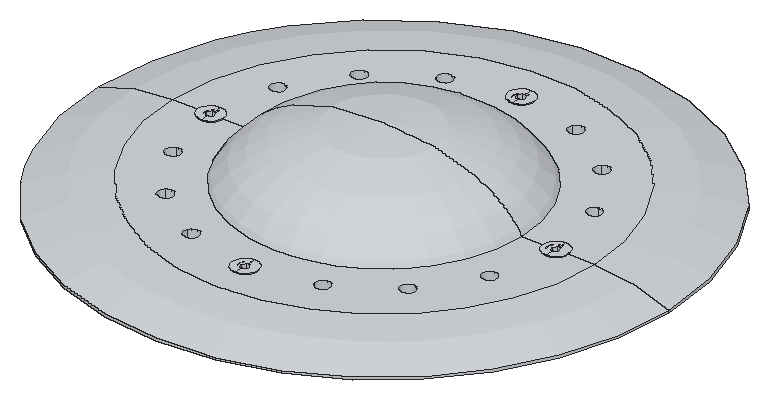
Revit family "Sensor w.topring - wall", category Generic Models, Revit 2017
Family settings
  Can host rebar = No
  Round Connector Dimension = Use Diameter
  Part Type = Normal
  Work Plane-Based = No
  Always vertical = Yes
  Cut with Voids When Loaded = No
  Shared = No
  Room Calculation Point = No
Parameters
  URL = "https://playalive.dk/?lang=en"
  Type Comments = "Playground equipment"
  Model = "Sensor w.topring - wall"
  Manufacturer = "PlayAlive A/S"
  Description = "Electronic playground"
Reference planes
  plane 1 "Center (Front/Back)": y = 0
  plane 2: z = 0
  plane 3 "Center (Left/Right)": x = 0
Forms (mm)
  Revolve 1, solid
    sketch origin (0, 0, 0) x (1, 0, 0) y (0, 0, 1)
      loop
        arc (-85.516, 7) -> (-100.802, 5.484) -> (-115.495, 1.001) r 77.944
        line (-115.495, 1.001) -> (-115.495, 0) -> (-60, 0) -> (-56.12, 7) -> (-85.516, 7)
      axis (0, 0) -> (0, 7)
    angle from 0 to 360
  Extrusion 2, void
    sketch origin (0, -5.933, 0) x (1, 0, 0) y (0, 1, 0)
      loop
        circle (0, 75.488) r 3
    from 0 to 250
  Extrusion 3, void
    sketch origin (-2.292, -5.477, 0) x (0.92388, -0.382683, 0) y (0.382683, 0.92388, 0)
      loop
        circle (0, 75.488) r 3
    from 0 to 250
  Extrusion 4, void
    sketch origin (-4.234, -4.179, 0) x (0.707107, -0.707107, 0) y (0.707107, 0.707107, 0)
      loop
        circle (0, 75.488) r 3
    from 0 to 250
  Extrusion 5, void
    sketch origin (-5.532, -2.236, 0) x (0.382683, -0.92388, 0) y (0.92388, 0.382683, 0)
      loop
        circle (0, 75.488) r 3
    from 0 to 250
  Extrusion 6, void
    sketch origin (-5.988, 0.056, 0) x (0, -1, 0) y (1, 0, 0)
      loop
        circle (0, 75.488) r 3
    from 0 to 250
  Extrusion 7, void
    sketch origin (-5.532, 2.347, 0) x (-0.382683, -0.92388, 0) y (0.92388, -0.382683, 0)
      loop
        circle (0, 75.488) r 3
    from 0 to 250
  Extrusion 8, void
    sketch origin (-4.234, 4.29, 0) x (-0.707107, -0.707107, 0) y (0.707107, -0.707107, 0)
      loop
        circle (0, 75.488) r 3
    from 0 to 250
  Extrusion 9, void
    sketch origin (-2.292, 5.588, 0) x (-0.92388, -0.382683, 0) y (0.382683, -0.92388, 0)
      loop
        circle (0, 75.488) r 3
    from 0 to 250
  Extrusion 10, void
    sketch origin (0, 6.044, 0) x (-1, 0, 0) y (0, -1, 0)
      loop
        circle (0, 75.488) r 3
    from 0 to 250
  Extrusion 11, void
    sketch origin (2.292, 5.588, 0) x (-0.92388, 0.382683, 0) y (-0.382683, -0.92388, 0)
      loop
        circle (0, 75.488) r 3
    from 0 to 250
  Extrusion 12, void
    sketch origin (4.234, 4.29, 0) x (-0.707107, 0.707107, 0) y (-0.707107, -0.707107, 0)
      loop
        circle (0, 75.488) r 3
    from 0 to 250
  Extrusion 13, void
    sketch origin (5.532, 2.347, 0) x (-0.382683, 0.92388, 0) y (-0.92388, -0.382683, 0)
      loop
        circle (0, 75.488) r 3
    from 0 to 250
  Extrusion 14, void
    sketch origin (5.988, 0.056, 0) x (0, 1, 0) y (-1, 0, 0)
      loop
        circle (0, 75.488) r 3
    from 0 to 250
  Extrusion 15, void
    sketch origin (5.532, -2.236, 0) x (0.382683, 0.92388, 0) y (-0.92388, 0.382683, 0)
      loop
        circle (0, 75.488) r 3
    from 0 to 250
  Extrusion 16, void
    sketch origin (4.234, -4.179, 0) x (0.707107, 0.707107, 0) y (-0.707107, 0.707107, 0)
      loop
        circle (0, 75.488) r 3
    from 0 to 250
  Extrusion 17, void
    sketch origin (2.292, -5.477, 0) x (0.92388, 0.382683, 0) y (-0.382683, 0.92388, 0)
      loop
        circle (0, 75.488) r 3
    from 0 to 250
Cuts and joins
  Extrusion 2, Extrusion 3, Extrusion 4, Extrusion 5, Extrusion 6, Extrusion 7, Extrusion 8, Extrusion 9, Extrusion 10, Extrusion 11, Extrusion 12, Extrusion 13, Extrusion 14, Extrusion 15, Extrusion 16, Extrusion 17 cuts Revolve 1
Dimensions and locks
  aligned and locked: level to plane 2
Nested families
  nested 1: "PlayAlive Sensor" at (0, 0.056, -38.6) x (-1, 0, 0) z (0, 0, 1), type "PlayAlive Sensor"
  nested 2: "SCREW" at (-0.253, -70.003, 7) x (0, 1, 0) z (0, 0, 1), type "SCREW"
  nested 3: "SCREW" at (-70.26, 0.015, 7) x (0, 1, 0) z (0, 0, 1), type "SCREW"
  nested 4: "SCREW" at (-0.286, 70.055, 7) x (0, 1, 0) z (0, 0, 1), type "SCREW"
  nested 5: "SCREW" at (69.742, 0, 7) x (0, 1, 0) z (0, 0, 1), type "SCREW"
Definition of nested family "PlayAlive Sensor"
  Parameters (values of type "PlayAlive Sensor")
    Default Elevation = 1219.2 mm
    COLOUR = none
  Reference planes
    plane 1 "Center (Front/Back)": y = 0
    plane 2: z = 0
    plane 3 "Center (Left/Right)": x = 0
  Forms (mm)
    Extrusion 1, solid
      sketch origin (0, 0, 0) x (1, 0, 0) y (0, 1, 0)
        loop
          line (-1219.2, 1219.2) -> (-1219.2, -1219.2) -> (1219.2, -1219.2) -> (1219.2, 1219.2) -> (-1219.2, 1219.2)
      from 0 to -304.8
    Revolve 2, solid, material <- "COLOUR"
      sketch origin (0, 0, 0) x (1, 0, 0) y (0, 0, 1)
        loop
          line (0, 67.154) -> (0, 65.105)
          arc (0, 65.105) -> (30.28, 58.93) -> (55.756, 41.438) r 77.684
          line (55.756, 41.438) -> (55.756, 29.554) -> (48.685, 22.483) -> (38.538, 17.751) -> (38.538, 0) -> (39.827, 0) -> (40.068, 9.749) -> (40.068, 16.789) -> (42.028, 16.789) -> (42.321, 14.402) -> (41.694, 10.448) -> (43.892, 10.448) -> (45.314, 11.111) -> (45.012, 10.233)
          arc (45.012, 10.233) -> (45.208, 9.864) -> (45.625, 9.821) r 0.445
          arc (45.625, 9.821) -> (53.861, 17.251) -> (59.037, 27.063) r 31.725
          arc (59.037, 27.063) -> (59.488, 27.748) -> (60.229, 28.1) r 1.523
          arc (60.229, 28.1) -> (61.243, 28.462) -> (61.776, 29.398) r 1.551
          arc (61.776, 29.398) -> (62.055, 32.801) -> (61.776, 36.205) r 20.892
          arc (61.776, 36.205) -> (61.258, 37.445) -> (60.239, 38.322) r 2.919
          arc (60.239, 38.322) -> (59.694, 38.774) -> (59.387, 39.412) r 1.66
          spline (59.387, 39.412) -> (56.318, 45.065) -> (52.938, 49.652) -> (49.251, 53.35) -> (45.257, 56.34) -> (40.96, 58.801) -> (36.363, 60.913) -> (31.45, 62.799) -> (26.165, 64.425) -> (20.443, 65.733) -> (14.218, 66.664) -> (7.425, 67.157) -> (0, 67.154)
        axis (0, 67.154) -> (0, 0)
      angle from 0 to 360
    Revolve 3, void
      sketch origin (0.156, 0, 0) x (1, 0, 0) y (0, 0, 1)
        loop
          arc (45.7, 9.592) -> (53.986, 17.172) -> (59.181, 27.127) r 32.357
          line (59.181, 27.127) -> (55.562, 26.489) -> (54.614, 20.505) -> (54.209, 19.393) -> (53.446, 18.629) -> (54.476, 25.133)
          arc (54.476, 25.133) -> (50.915, 19.918) -> (45.7, 16.357) r 17.053
          line (45.7, 16.357) -> (45.7, 9.592)
        axis (0, 9.592) -> (0, 27.127)
      angle from -4 to 3.959
    Revolve 4, void
      sketch origin (0.149, 0.048, 0) x (0.951057, 0.309017, 0) y (0, 0, 1)
        loop
          arc (45.7, 9.592) -> (53.986, 17.172) -> (59.181, 27.127) r 32.357
          line (59.181, 27.127) -> (55.562, 26.489) -> (54.614, 20.505) -> (54.209, 19.393) -> (53.446, 18.629) -> (54.476, 25.133)
          arc (54.476, 25.133) -> (50.915, 19.918) -> (45.7, 16.357) r 17.053
          line (45.7, 16.357) -> (45.7, 9.592)
        axis (0, 9.592) -> (0, 27.127)
      angle from -4 to 3.959
    Revolve 5, void
      sketch origin (0.126, 0.092, 0) x (0.809017, 0.587785, 0) y (0, 0, 1)
        loop
          arc (45.7, 9.592) -> (53.986, 17.172) -> (59.181, 27.127) r 32.357
          line (59.181, 27.127) -> (55.562, 26.489) -> (54.614, 20.505) -> (54.209, 19.393) -> (53.446, 18.629) -> (54.476, 25.133)
          arc (54.476, 25.133) -> (50.915, 19.918) -> (45.7, 16.357) r 17.053
          line (45.7, 16.357) -> (45.7, 9.592)
        axis (0, 9.592) -> (0, 27.127)
      angle from -4 to 3.959
    Revolve 6, void
      sketch origin (0.092, 0.126, 0) x (0.587785, 0.809017, 0) y (0, 0, 1)
        loop
          arc (45.7, 9.592) -> (53.986, 17.172) -> (59.181, 27.127) r 32.357
          line (59.181, 27.127) -> (55.562, 26.489) -> (54.614, 20.505) -> (54.209, 19.393) -> (53.446, 18.629) -> (54.476, 25.133)
          arc (54.476, 25.133) -> (50.915, 19.918) -> (45.7, 16.357) r 17.053
          line (45.7, 16.357) -> (45.7, 9.592)
        axis (0, 9.592) -> (0, 27.127)
      angle from -4 to 3.959
    Revolve 7, void
      sketch origin (0.048, 0.149, 0) x (0.309017, 0.951057, 0) y (0, 0, 1)
        loop
          arc (45.7, 9.592) -> (53.986, 17.172) -> (59.181, 27.127) r 32.357
          line (59.181, 27.127) -> (55.562, 26.489) -> (54.614, 20.505) -> (54.209, 19.393) -> (53.446, 18.629) -> (54.476, 25.133)
          arc (54.476, 25.133) -> (50.915, 19.918) -> (45.7, 16.357) r 17.053
          line (45.7, 16.357) -> (45.7, 9.592)
        axis (0, 9.592) -> (0, 27.127)
      angle from -4 to 3.959
    Revolve 8, void
      sketch origin (0, 0.156, 0) x (0, 1, 0) y (0, 0, 1)
        loop
          arc (45.7, 9.592) -> (53.986, 17.172) -> (59.181, 27.127) r 32.357
          line (59.181, 27.127) -> (55.562, 26.489) -> (54.614, 20.505) -> (54.209, 19.393) -> (53.446, 18.629) -> (54.476, 25.133)
          arc (54.476, 25.133) -> (50.915, 19.918) -> (45.7, 16.357) r 17.053
          line (45.7, 16.357) -> (45.7, 9.592)
        axis (0, 9.592) -> (0, 27.127)
      angle from -4 to 3.959
    Revolve 9, void
      sketch origin (-0.048, 0.149, 0) x (-0.309017, 0.951057, 0) y (0, 0, 1)
        loop
          arc (45.7, 9.592) -> (53.986, 17.172) -> (59.181, 27.127) r 32.357
          line (59.181, 27.127) -> (55.562, 26.489) -> (54.614, 20.505) -> (54.209, 19.393) -> (53.446, 18.629) -> (54.476, 25.133)
          arc (54.476, 25.133) -> (50.915, 19.918) -> (45.7, 16.357) r 17.053
          line (45.7, 16.357) -> (45.7, 9.592)
        axis (0, 9.592) -> (0, 27.127)
      angle from -4 to 3.959
    Revolve 10, void
      sketch origin (-0.092, 0.126, 0) x (-0.587785, 0.809017, 0) y (0, 0, 1)
        loop
          arc (45.7, 9.592) -> (53.986, 17.172) -> (59.181, 27.127) r 32.357
          line (59.181, 27.127) -> (55.562, 26.489) -> (54.614, 20.505) -> (54.209, 19.393) -> (53.446, 18.629) -> (54.476, 25.133)
          arc (54.476, 25.133) -> (50.915, 19.918) -> (45.7, 16.357) r 17.053
          line (45.7, 16.357) -> (45.7, 9.592)
        axis (0, 9.592) -> (0, 27.127)
      angle from -4 to 3.959
    Revolve 11, void
      sketch origin (-0.126, 0.092, 0) x (-0.809017, 0.587785, 0) y (0, 0, 1)
        loop
          arc (45.7, 9.592) -> (53.986, 17.172) -> (59.181, 27.127) r 32.357
          line (59.181, 27.127) -> (55.562, 26.489) -> (54.614, 20.505) -> (54.209, 19.393) -> (53.446, 18.629) -> (54.476, 25.133)
          arc (54.476, 25.133) -> (50.915, 19.918) -> (45.7, 16.357) r 17.053
          line (45.7, 16.357) -> (45.7, 9.592)
        axis (0, 9.592) -> (0, 27.127)
      angle from -4 to 3.959
    Revolve 12, void
      sketch origin (-0.149, 0.048, 0) x (-0.951057, 0.309017, 0) y (0, 0, 1)
        loop
          arc (45.7, 9.592) -> (53.986, 17.172) -> (59.181, 27.127) r 32.357
          line (59.181, 27.127) -> (55.562, 26.489) -> (54.614, 20.505) -> (54.209, 19.393) -> (53.446, 18.629) -> (54.476, 25.133)
          arc (54.476, 25.133) -> (50.915, 19.918) -> (45.7, 16.357) r 17.053
          line (45.7, 16.357) -> (45.7, 9.592)
        axis (0, 9.592) -> (0, 27.127)
      angle from -4 to 3.959
    Revolve 13, void
      sketch origin (-0.156, 0, 0) x (-1, 0, 0) y (0, 0, 1)
        loop
          arc (45.7, 9.592) -> (53.986, 17.172) -> (59.181, 27.127) r 32.357
          line (59.181, 27.127) -> (55.562, 26.489) -> (54.614, 20.505) -> (54.209, 19.393) -> (53.446, 18.629) -> (54.476, 25.133)
          arc (54.476, 25.133) -> (50.915, 19.918) -> (45.7, 16.357) r 17.053
          line (45.7, 16.357) -> (45.7, 9.592)
        axis (0, 9.592) -> (0, 27.127)
      angle from -4 to 3.959
    Revolve 14, void
      sketch origin (-0.149, -0.048, 0) x (-0.951057, -0.309017, 0) y (0, 0, 1)
        loop
          arc (45.7, 9.592) -> (53.986, 17.172) -> (59.181, 27.127) r 32.357
          line (59.181, 27.127) -> (55.562, 26.489) -> (54.614, 20.505) -> (54.209, 19.393) -> (53.446, 18.629) -> (54.476, 25.133)
          arc (54.476, 25.133) -> (50.915, 19.918) -> (45.7, 16.357) r 17.053
          line (45.7, 16.357) -> (45.7, 9.592)
        axis (0, 9.592) -> (0, 27.127)
      angle from -4 to 3.959
    Revolve 15, void
      sketch origin (-0.126, -0.092, 0) x (-0.809017, -0.587785, 0) y (0, 0, 1)
        loop
          arc (45.7, 9.592) -> (53.986, 17.172) -> (59.181, 27.127) r 32.357
          line (59.181, 27.127) -> (55.562, 26.489) -> (54.614, 20.505) -> (54.209, 19.393) -> (53.446, 18.629) -> (54.476, 25.133)
          arc (54.476, 25.133) -> (50.915, 19.918) -> (45.7, 16.357) r 17.053
          line (45.7, 16.357) -> (45.7, 9.592)
        axis (0, 9.592) -> (0, 27.127)
      angle from -4 to 3.959
    Revolve 16, void
      sketch origin (-0.092, -0.126, 0) x (-0.587785, -0.809017, 0) y (0, 0, 1)
        loop
          arc (45.7, 9.592) -> (53.986, 17.172) -> (59.181, 27.127) r 32.357
          line (59.181, 27.127) -> (55.562, 26.489) -> (54.614, 20.505) -> (54.209, 19.393) -> (53.446, 18.629) -> (54.476, 25.133)
          arc (54.476, 25.133) -> (50.915, 19.918) -> (45.7, 16.357) r 17.053
          line (45.7, 16.357) -> (45.7, 9.592)
        axis (0, 9.592) -> (0, 27.127)
      angle from -4 to 3.959
    Revolve 17, void
      sketch origin (-0.048, -0.149, 0) x (-0.309017, -0.951057, 0) y (0, 0, 1)
        loop
          arc (45.7, 9.592) -> (53.986, 17.172) -> (59.181, 27.127) r 32.357
          line (59.181, 27.127) -> (55.562, 26.489) -> (54.614, 20.505) -> (54.209, 19.393) -> (53.446, 18.629) -> (54.476, 25.133)
          arc (54.476, 25.133) -> (50.915, 19.918) -> (45.7, 16.357) r 17.053
          line (45.7, 16.357) -> (45.7, 9.592)
        axis (0, 9.592) -> (0, 27.127)
      angle from -4 to 3.959
    Revolve 18, void
      sketch origin (0, -0.156, 0) x (0, -1, 0) y (0, 0, 1)
        loop
          arc (45.7, 9.592) -> (53.986, 17.172) -> (59.181, 27.127) r 32.357
          line (59.181, 27.127) -> (55.562, 26.489) -> (54.614, 20.505) -> (54.209, 19.393) -> (53.446, 18.629) -> (54.476, 25.133)
          arc (54.476, 25.133) -> (50.915, 19.918) -> (45.7, 16.357) r 17.053
          line (45.7, 16.357) -> (45.7, 9.592)
        axis (0, 9.592) -> (0, 27.127)
      angle from -4 to 3.959
    Revolve 19, void
      sketch origin (0.048, -0.149, 0) x (0.309017, -0.951057, 0) y (0, 0, 1)
        loop
          arc (45.7, 9.592) -> (53.986, 17.172) -> (59.181, 27.127) r 32.357
          line (59.181, 27.127) -> (55.562, 26.489) -> (54.614, 20.505) -> (54.209, 19.393) -> (53.446, 18.629) -> (54.476, 25.133)
          arc (54.476, 25.133) -> (50.915, 19.918) -> (45.7, 16.357) r 17.053
          line (45.7, 16.357) -> (45.7, 9.592)
        axis (0, 9.592) -> (0, 27.127)
      angle from -4 to 3.959
    Revolve 20, void
      sketch origin (0.092, -0.126, 0) x (0.587785, -0.809017, 0) y (0, 0, 1)
        loop
          arc (45.7, 9.592) -> (53.986, 17.172) -> (59.181, 27.127) r 32.357
          line (59.181, 27.127) -> (55.562, 26.489) -> (54.614, 20.505) -> (54.209, 19.393) -> (53.446, 18.629) -> (54.476, 25.133)
          arc (54.476, 25.133) -> (50.915, 19.918) -> (45.7, 16.357) r 17.053
          line (45.7, 16.357) -> (45.7, 9.592)
        axis (0, 9.592) -> (0, 27.127)
      angle from -4 to 3.959
    Revolve 21, void
      sketch origin (0.126, -0.092, 0) x (0.809017, -0.587785, 0) y (0, 0, 1)
        loop
          arc (45.7, 9.592) -> (53.986, 17.172) -> (59.181, 27.127) r 32.357
          line (59.181, 27.127) -> (55.562, 26.489) -> (54.614, 20.505) -> (54.209, 19.393) -> (53.446, 18.629) -> (54.476, 25.133)
          arc (54.476, 25.133) -> (50.915, 19.918) -> (45.7, 16.357) r 17.053
          line (45.7, 16.357) -> (45.7, 9.592)
        axis (0, 9.592) -> (0, 27.127)
      angle from -4 to 3.959
    Revolve 22, void
      sketch origin (0.149, -0.048, 0) x (0.951057, -0.309017, 0) y (0, 0, 1)
        loop
          arc (45.7, 9.592) -> (53.986, 17.172) -> (59.181, 27.127) r 32.357
          line (59.181, 27.127) -> (55.562, 26.489) -> (54.614, 20.505) -> (54.209, 19.393) -> (53.446, 18.629) -> (54.476, 25.133)
          arc (54.476, 25.133) -> (50.915, 19.918) -> (45.7, 16.357) r 17.053
          line (45.7, 16.357) -> (45.7, 9.592)
        axis (0, 9.592) -> (0, 27.127)
      angle from -4 to 3.959
    Extrusion 23, void
      sketch origin (0, 0, 0) x (1, 0, 0) y (0, 1, 0)
        loop
          circle (0, -63.45) r 3
      from 25.133 to 43.039
  Cuts and joins
    Revolve 3, Revolve 4, Revolve 5, Revolve 6, Revolve 7, Revolve 8, Revolve 9, Revolve 10, Revolve 11, Revolve 12, Revolve 13, Revolve 14, Revolve 15, Revolve 16, Revolve 17, Revolve 18, Revolve 19, Revolve 20, Revolve 21, Revolve 22, Extrusion 23 cuts Revolve 2
  Dimensions and locks
    aligned and locked: plane 2 to Extrusion 1
    aligned and locked: level to Extrusion 1
Definition of nested family "SCREW"
  Parameters (values of type "SCREW")
    Default Elevation = 1219.2 mm
  Reference planes
    plane 1 "Center (Front/Back)": y = 0
    plane 2: z = 0
    plane 3 "Center (Left/Right)": x = 0
  Forms (mm)
    Extrusion 1, solid
      sketch origin (0, 0, 0) x (1, 0, 0) y (0, 1, 0)
        loop
          line (-1219.2, 1219.2) -> (-1219.2, -1219.2) -> (1219.2, -1219.2) -> (1219.2, 1219.2) -> (-1219.2, 1219.2)
      from 0 to -304.8
    Revolve 2, solid
      sketch origin (0, 0, 0) x (1, 0, 0) y (0, 0, 1)
        loop
          line (0, 0.156) -> (-5, 0.156) -> (-2.535, -2.582) -> (-2.535, -7.85) -> (0, -7.85) -> (0, 0.156)
        axis (0, 0.156) -> (0, -7.85)
      angle from 0 to 360
    Extrusion 3, void
      sketch origin (0, 0, 0) x (1, 0, 0) y (0, 1, 0)
        loop
          line (0, 1.732) -> (-1.5, 0.866) -> (-1.5, -0.866) -> (0, -1.732) -> (1.5, -0.866) -> (1.5, 0.866) -> (0, 1.732)
      from -1.804 to 0.156
  Cuts and joins
    Extrusion 3 cuts Revolve 2
  Dimensions and locks
    aligned and locked: plane 2 to Extrusion 1
    aligned and locked: level to Extrusion 1
